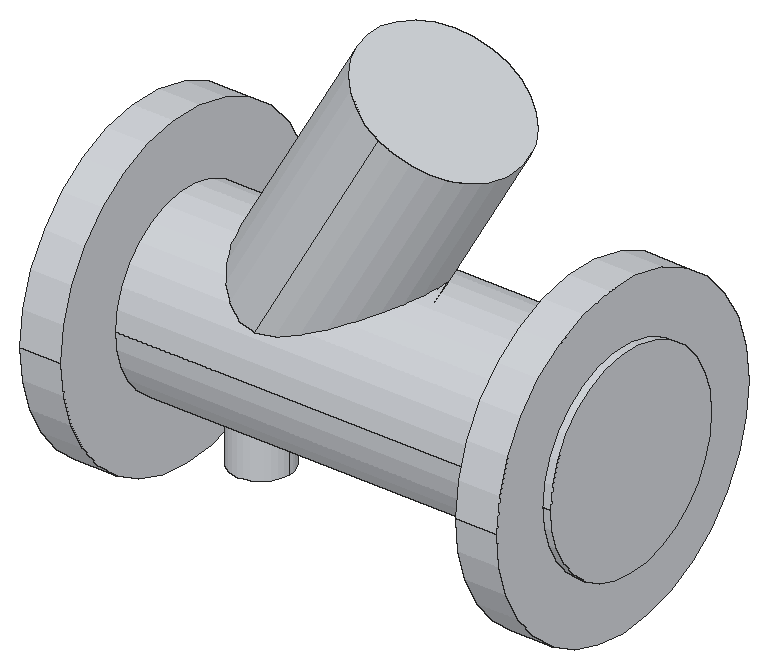
Revit family "HS 821-síto_standard-PN25-DN065-RFA_2019", category Pipe Accessories, Revit 2019
Family settings
  Round Connector Dimension = Use Diameter
  Part Type = Breaks Into
  Work Plane-Based = No
  Always vertical = Yes
  Cut with Voids When Loaded = No
  Shared = No
Parameters (values of type "821D-DN065-PN25-síto_standard")
  magiProductId = "767b0f8318e94750bc7a9930ed5b30"
  magiProductFamilyId = "79214ac3aaa945e397802f559f5c1e"
  magiPartTypeId = 307
  isMeasuringValve [instance] = no
  ang2D [instance] = 0.00°
  ZB__ve = -ZB  # -29.75 mm
  ZB1 = 47.79 mm
  ZB = 29.75 mm
  X2 = 86.927 mm
  X1 = 40.6 mm
  W2D = 15 mm
  VersionID = "2.0/2017.9.26.1/ZETKAMA_821_001"
  Use Minimum Symbol Size [instance] = yes
  URL = "www.hydronic.cz"
  Type Comments = "Filtr přírubový; síto standardní; A-PN16 (-10~300°C); D-PN25 (-10~350°C); F-PN40 (-10~400°C)"
  S = 118 mm
  QmdConnectorList = "301;D;302;D"
  Productdata [instance] = ""
  Manufacturer = "Hydronic Systems Prague s.r.o."
  MC Product Code = "200 265 (821D; DN065; PN25; kvs101,5; oko síta 1,25mm)"
  LM1 = 23.2 mm
  LM = 232 mm
  L4 = 72.5 mm
  L2D_Min = 3048 mm
  L2D = 130 mm
  L2 = 145 mm
  HH2 = 150.562 mm
  FD = 185 mm
  Description = "Filtr přírubový; síto standardní; 821A-PN16; 821D-PN25; 821F-PN40"
  DM1 = 94.2 mm
  DM = 106.2 mm
  D = 65 mm
  CC = 4.93 mm
  CAT0 = yes
  C1 = 24.07 mm
  C = 29 mm
  BD = 33.453 mm
Types (40, lengths in mm): name | magiProductId | ZB__ve | ZB1 | ZB | X2 | X1 | S | MC Product Code | LM1 | LM | L4 | L2 | HH2 | FD | DM1 | DM | D | CC | C1 | C | BD
  821A-DN015-PN16-síto_standard | "a71bcfe8b393460598b23e8ddf7dc5" | -16.25 | 18.63 | 16.25 | 46.982 | 18.2 | 46 | "200 115 (821A; DN015; PN16; kvs6,3; oko síta 1,00mm)" | 10.4 | 104 | 32.5 | 65 | 81.375 | 95 | 27.6 | 41.4 | 15 | 2.21 | 10.79 | 13 | 13.041
  821A-DN020-PN16-síto_standard | "41cd6c7a12924f4991217528336076" | -17.75 | 22.68 | 17.75 | 51.673 | 21 | 56 | "200 120 (821A; DN020; PN16; kvs11,2; oko síta 1,00mm)" | 12 | 120 | 37.5 | 75 | 89.5 | 105 | 33.6 | 50.4 | 20 | 2.55 | 12.45 | 15 | 15.876
  821A-DN025-PN16-síto_standard | "be378b463ed14c3abf4c9b3ae8cf3a" | -19.25 | 26.325 | 19.25 | 58.601 | 22.4 | 65 | "200 125 (821A; DN025; PN16; kvs14,7; oko síta 1,00mm)" | 12.8 | 128 | 40 | 80 | 101.5 | 115 | 43.2 | 58.5 | 25 | 2.72 | 13.28 | 16 | 18.427
  821A-DN032-PN16-síto_standard | "227a0d18b21540afabe8b6067d35fa" | -23 | 30.78 | 23 | 68.849 | 25.2 | 76 | "200 132 (821A; DN032; PN16; kvs23,7; oko síta 1,00mm)" | 14.4 | 144 | 45 | 90 | 119.25 | 140 | 50.4 | 68.4 | 32 | 3.06 | 14.94 | 18 | 21.546
  821A-DN040-PN16-síto_standard | "d106917c74724141a10440112d0102" | -24.5 | 34.02 | 24.5 | 75.777 | 28 | 84 | "200 140 (821A; DN040; PN16; kvs37,7; oko síta 1,00mm)" | 16 | 160 | 50 | 100 | 131.25 | 150 | 60 | 75.6 | 40 | 3.4 | 16.6 | 20 | 23.814
  821A-DN050-PN16-síto_standard | "8255d456a09e4f6486734f5dd9171b" | -26.75 | 40.095 | 26.75 | 79.061 | 32.2 | 99 | "200 150 (821A; DN050 PN16; kvs57,9; oko síta 1,00mm)" | 18.4 | 184 | 57.5 | 115 | 136.938 | 165 | 73.8 | 89.1 | 50 | 3.91 | 19.09 | 23 | 28.066
  821A-DN065-PN16-síto_standard | "235b1b3e4c0843779a4d5e3716d40a" | -29.75 | 47.79 | 29.75 | 86.927 | 40.6 | 118 | "200 165 (821A; DN065; PN16; kvs101,5; oko síta 1,25mm)" | 23.2 | 232 | 72.5 | 145 | 150.562 | 185 | 94.2 | 106.2 | 65 | 4.93 | 24.07 | 29 | 33.453
  821A-DN080-PN16-síto_standard | "a067f7c5236348ed8c820d16df7214" | -32 | 53.46 | 32 | 104.753 | 43.4 | 132 | "200 180 (821A; DN080; PN16; kvs147,4; oko síta 1,25mm)" | 24.8 | 248 | 77.5 | 155 | 181.438 | 200 | 107.4 | 118.8 | 80 | 5.27 | 25.73 | 31 | 37.422
  821A-DN100-PN16-síto_standard | "c49a648c2747461285837d643703cd" | -35 | 63.18 | 35 | 114.857 | 49 | 156 | "200 190 (821A; DN100; PN16; kvs209,6; oko síta 1,60mm)" | 28 | 280 | 87.5 | 175 | 198.937 | 220 | 131.4 | 140.4 | 100 | 5.95 | 29.05 | 35 | 44.226
  821A-DN125-PN16-síto_standard | "bf68e728a163493cbd2a663b26ebdc" | -39.5 | 74.52 | 39.5 | 131.888 | 56 | 184 | "200 191 (821A; DN125; PN16; kvs326,2; oko síta 1,60mm)" | 32 | 320 | 100 | 200 | 228.438 | 250 | 165 | 165.6 | 125 | 6.8 | 33.2 | 40 | 52.164
  821A-DN150-PN16-síto_standard | "2de770284b654863ae6bc865769dc5" | -44.75 | 85.455 | 44.75 | 155.885 | 67.2 | 211 | "200 192 (821A; DN150; PN16; kvs403; oko síta 1,60mm)" | 38.4 | 384 | 120 | 240 | 270 | 285 | 192 | 189.9 | 150 | 8.16 | 39.84 | 48 | 59.818
  821A-DN200-PN16-síto_standard | "8e5693371ab64aabb29a7f08c76e15" | -53 | 107.73 | 53 | 188.361 | 84 | 266 | "200 193 (821A; DN200; PN16; kvs707; oko síta 1,60mm)" | 48 | 480 | 150 | 300 | 326.25 | 340 | 252 | 239.4 | 200 | 10.2 | 49.8 | 60 | 75.411
  821A-DN250-PN16-síto_standard | "05e37ed948c34047acdd4c42556504" | -62.75 | 129.195 | 62.75 | 255.911 | 102.2 | 319 | "200 194 (821A; DN250; PN16; kvs1234; oko síta 1,60mm)" | 58.4 | 584 | 182.5 | 365 | 443.25 | 405 | 309.6 | 287.1 | 250 | 12.41 | 60.59 | 73 | 90.436
  821A-DN300-PN16-síto_standard | "9ad0af747269428da925480d83ce80" | -71 | 149.85 | 71 | 325.914 | 119 | 370 | "200 195 (821A; DN300; PN16; kvs1916; oko síta 1,60mm)" | 68 | 680 | 212.5 | 425 | 564.5 | 460 | 369.6 | 333 | 300 | 14.45 | 70.55 | 85 | 104.895
  821A-DN350-PN16-síto_standard | "eebc71459bb3451bb4355e7951370a" | -80 | 173.745 | 80 | 356.875 | 137.2 | 429 | "200 196 (821A; DN350; PN16; kvs2621; oko síta 1,60mm)" | 78.4 | 784 | 245 | 490 | 618.125 | 520 | 438 | 386.1 | 350 | 16.66 | 81.34 | 98 | 121.621
  821A-DN400-PN16-síto_standard | "d2f677cb196647e385b2590e7d8abe" | -89 | 194.4 | 89 | 392.237 | 154 | 480 | "200 197 (821A; DN400; PN16; kvs3460; oko síta 1,60mm)" | 88 | 880 | 275 | 550 | 679.375 | 580 | 498 | 432 | 400 | 18.7 | 91.3 | 110 | 136.08
  821D-DN015-PN25-síto_standard | "27ddcbf555414f8ca1fde329bf9087" | -16.25 | 18.63 | 16.25 | 46.982 | 18.2 | 46 | "200 215 (821D; DN015; PN25; kvs6,3; oko síta 1,00mm)" | 10.4 | 104 | 32.5 | 65 | 81.375 | 95 | 27.6 | 41.4 | 15 | 2.21 | 10.79 | 13 | 13.041
  821D-DN020-PN25-síto_standard | "270e0f14012f47189cd0235c18faee" | -17.75 | 22.68 | 17.75 | 51.673 | 21 | 56 | "200 220 (821D; DN020; PN25; kvs11,2; oko síta 1,00mm)" | 12 | 120 | 37.5 | 75 | 89.5 | 105 | 33.6 | 50.4 | 20 | 2.55 | 12.45 | 15 | 15.876
  821D-DN025-PN25-síto_standard | "b9a7fb4aa36643878c637d8e1ab992" | -19.25 | 26.325 | 19.25 | 58.601 | 22.4 | 65 | "200 225 (821D; DN025; PN25; kvs14,7; oko síta 1,00mm)" | 12.8 | 128 | 40 | 80 | 101.5 | 115 | 43.2 | 58.5 | 25 | 2.72 | 13.28 | 16 | 18.427
  821D-DN032-PN25-síto_standard | "6be9a55c4e68400f94eec7e804204c" | -23 | 30.78 | 23 | 68.849 | 25.2 | 76 | "200 232 (821D; DN032; PN25; kvs23,7; oko síta 1,00mm)" | 14.4 | 144 | 45 | 90 | 119.25 | 140 | 50.4 | 68.4 | 32 | 3.06 | 14.94 | 18 | 21.546
  821D-DN040-PN25-síto_standard | "c54511bd7f584ec2984291479612cb" | -24.5 | 34.02 | 24.5 | 75.777 | 28 | 84 | "200 240 (821D; DN040; PN25; kvs37,7; oko síta 1,00mm)" | 16 | 160 | 50 | 100 | 131.25 | 150 | 60 | 75.6 | 40 | 3.4 | 16.6 | 20 | 23.814
  821D-DN050-PN25-síto_standard | "5483b1f596b04cd39b23a14a22c90e" | -26.75 | 40.095 | 26.75 | 79.061 | 32.2 | 99 | "200 250 (821D; DN050; PN25; kvs57,9; oko síta 1,00mm)" | 18.4 | 184 | 57.5 | 115 | 136.938 | 165 | 73.8 | 89.1 | 50 | 3.91 | 19.09 | 23 | 28.066
  821D-DN065-PN25-síto_standard | "767b0f8318e94750bc7a9930ed5b30" | -29.75 | 47.79 | 29.75 | 86.927 | 40.6 | 118 | "200 265 (821D; DN065; PN25; kvs101,5; oko síta 1,25mm)" | 23.2 | 232 | 72.5 | 145 | 150.562 | 185 | 94.2 | 106.2 | 65 | 4.93 | 24.07 | 29 | 33.453
  821D-DN080-PN25-síto_standard | "e21040fa3cc2404b858198f6b73709" | -32 | 53.46 | 32 | 104.753 | 43.4 | 132 | "200 280 (821D; DN080; PN25; kvs147,4; oko síta 1,25mm)" | 24.8 | 248 | 77.5 | 155 | 181.438 | 200 | 107.4 | 118.8 | 80 | 5.27 | 25.73 | 31 | 37.422
  821D-DN100-PN25-síto_standard | "175ca87a506b40b3bc6b82f12f33cf" | -37.25 | 63.18 | 37.25 | 114.857 | 49 | 156 | "200 290 (821D; DN100; PN25; kvs209,6; oko síta 1,60mm)" | 28 | 280 | 87.5 | 175 | 198.937 | 235 | 131.4 | 140.4 | 100 | 5.95 | 29.05 | 35 | 44.226
  821D-DN125-PN25-síto_standard | "77cc98d60da24855999a22dff726b2" | -42.5 | 74.52 | 42.5 | 131.888 | 56 | 184 | "200 291 (821D; DN125; PN25; kvs326,2; oko síta 1,60mm)" | 32 | 320 | 100 | 200 | 228.438 | 270 | 165 | 165.6 | 125 | 6.8 | 33.2 | 40 | 52.164
  821D-DN150-PN25-síto_standard | "9cf8acfcd15547d68e83172d3abcbe" | -47 | 85.455 | 47 | 155.885 | 67.2 | 211 | "200 292 (821D; DN150; PN25; kvs403; oko síta 1,60mm)" | 38.4 | 384 | 120 | 240 | 270 | 300 | 192 | 189.9 | 150 | 8.16 | 39.84 | 48 | 59.818
  821D-DN200-PN25-síto_standard | "16973f3c9ea14389ba8602495a6b64" | -56 | 110.97 | 56 | 188.361 | 84 | 274 | "200 293 (821D; DN200; PN25; kvs707; oko síta 1,60mm)" | 48 | 480 | 150 | 300 | 326.25 | 360 | 252 | 246.6 | 200 | 10.2 | 49.8 | 60 | 77.679
  821F-DN015-PN40-síto_standard | "4c7eaf3c4c0340888b3e684d8a8616" | -16.25 | 18.225 | 16.25 | 46.982 | 18.2 | 45 | "240 615 (821F; DN015; PN40; kvs6,3; oko síta 1,00mm)" | 10.4 | 104 | 32.5 | 65 | 81.375 | 95 | 27.6 | 40.5 | 15 | 2.21 | 10.79 | 13 | 12.757
  821F-DN020-PN40-síto_standard | "aaac5f1ec96b44d6ba96ac2293d66d" | -17.75 | 23.49 | 17.75 | 51.673 | 21 | 58 | "240 620 (821F; DN020; PN40; kvs11,2; oko síta 1,00mm)" | 12 | 120 | 37.5 | 75 | 89.5 | 105 | 33.6 | 52.2 | 20 | 2.55 | 12.45 | 15 | 16.443
  821F-DN025-PN40-síto_standard | "504768023968471481789485b54c7e" | -19.25 | 27.54 | 19.25 | 58.601 | 22.4 | 68 | "240 625 (821F; DN025; PN40; kvs14,7; oko síta 1,00mm)" | 12.8 | 128 | 40 | 80 | 101.5 | 115 | 43.2 | 61.2 | 25 | 2.72 | 13.28 | 16 | 19.278
  821F-DN032-PN40-síto_standard | "165e7f39cf744f329bdf1c400dad12" | -23 | 31.59 | 23 | 68.849 | 25.2 | 78 | "240 632 (821F; DN032; PN40; kvs23,7; oko síta 1,00mm)" | 14.4 | 144 | 45 | 90 | 119.25 | 140 | 50.4 | 70.2 | 32 | 3.06 | 14.94 | 18 | 22.113
  821F-DN040-PN40-síto_standard | "b8903f952089408fbf3a5a632bab1f" | -24.5 | 35.64 | 24.5 | 75.777 | 28 | 88 | "240 640 (821F; DN040; PN40; kvs37,7; oko síta 1,00mm)" | 16 | 160 | 50 | 100 | 131.25 | 150 | 60 | 79.2 | 40 | 3.4 | 16.6 | 20 | 24.948
  821F-DN050-PN40-síto_standard | "c451f97266fe48da8f879cb6a2bd44" | -26.75 | 41.31 | 26.75 | 79.061 | 32.2 | 102 | "240 650 (821F; DN050; PN40; kvs57,9; oko síta 1,00mm)" | 18.4 | 184 | 57.5 | 115 | 136.938 | 165 | 73.8 | 91.8 | 50 | 3.91 | 19.09 | 23 | 28.917
  821F-DN065-PN40-síto_standard | "dc9821e3f9b34e128f6a8c6b34c198" | -29.75 | 49.41 | 29.75 | 86.927 | 40.6 | 122 | "240 665 (821F; DN065; PN40; kvs101,5; oko síta 1,25mm)" | 23.2 | 232 | 72.5 | 145 | 150.562 | 185 | 94.2 | 109.8 | 65 | 4.93 | 24.07 | 29 | 34.587
  821F-DN080-PN40-síto_standard | "689aa1e260f84cf4994f027a1d86b5" | -32 | 55.89 | 32 | 104.753 | 43.4 | 138 | "240 680 (821F; DN080; PN40; kvs147,4; oko síta 1,25mm)" | 24.8 | 248 | 77.5 | 155 | 181.438 | 200 | 107.4 | 124.2 | 80 | 5.27 | 25.73 | 31 | 39.123
  821F-DN100-PN40-síto_standard | "8a45d4e8e2ab425f8c432f21d684f3" | -37.25 | 65.61 | 37.25 | 114.857 | 49 | 162 | "240 690 (821F; DN100; PN40; kvs209,6; oko síta 1,6mm)" | 28 | 280 | 87.5 | 175 | 198.937 | 235 | 131.4 | 145.8 | 100 | 5.95 | 29.05 | 35 | 45.927
  821F-DN125-PN40-síto_standard | "cf073904c006406b8645afa67ea2fc" | -42.5 | 76.14 | 42.5 | 131.888 | 56 | 188 | "240 691 (821F; DN125; PN40; kvs326,2; oko síta 1,6mm)" | 32 | 320 | 100 | 200 | 228.438 | 270 | 165 | 169.2 | 125 | 6.8 | 33.2 | 40 | 53.298
  821F-DN150-PN40-síto_standard | "0153b9ddabe14992a630484929fdbc" | -47 | 88.29 | 47 | 155.885 | 67.2 | 218 | "240 692 (821F; DN150; PN40; kvs403; oko síta 1,6mm)" | 38.4 | 384 | 120 | 240 | 270 | 300 | 192 | 196.2 | 150 | 8.16 | 39.84 | 48 | 61.803
  821F-DN200-PN40-síto_standard | "7fb3fc01dd8d42428c203e3f8dd4d5" | -56 | 115.425 | 56 | 188.361 | 84 | 285 | "240 693 (821F; DN200; PN40; kvs707; oko síta 1,6mm)" | 48 | 480 | 150 | 300 | 326.25 | 360 | 252 | 256.5 | 200 | 10.2 | 49.8 | 60 | 80.797
Reference planes
  plane 1 "Center (Front/Back)": y = 0
  plane 2 "XYPLANE": z = 0
  plane 3 "Center (Left/Right)": x = 0
  plane 4 "109": x = -92.8
  plane 5 "108": x = 116
  plane 6 "107": x = -116
  plane 7 "105": x = 145
  plane 8 "104": x = -145
  plane 9 "103": y = 0
  plane 10 "102": z = 0
  plane 11 "101": x = -140.07
  plane 12 "100": x = 140.07
  plane 13 "11": x = -52.2
  plane 14 "10": z = 150.562
  plane 15 "9": x = 34.727
  plane 16 "5": z = -47.79
  plane 17 "4": x = -72.5
  plane 18 "1": x = 72.5
Forms (mm)
  Extrusion 1, solid, visible <- "CAT0"
    sketch origin (-116, -750, 0) x (0, 1, 0) y (0, 0, 1)
      loop
        circle (750, 0) r 53.1
    from 0 to 232 <- "LM"
  Extrusion 2, solid
    sketch origin (-145, -750, 0) x (0, 1, 0) y (0, 0, 1)
      loop
        circle (750, 0) r 59
    from 0 to 4.93 <- "CC"
  Extrusion 3, solid
    sketch origin (-140.07, -750, 0) x (0, 1, 0) y (0, 0, 1)
      loop
        circle (750, 0) r 92.5
    from 0 to 24.07 <- "C1"
  Extrusion 4, solid
    sketch origin (116, -750, 0) x (0, 1, 0) y (0, 0, 1)
      loop
        circle (750, 0) r 92.5
    from 0 to 24.07 <- "C1"
  Extrusion 5, solid
    sketch origin (140.07, -750, 0) x (0, 1, 0) y (0, 0, 1)
      loop
        circle (750, 0) r 59
    from 0 to 4.93 <- "CC"
  Sweep 6, solid, visible <- "CAT0"
    path origin (750, 0, 0) x (-1, 0, 0) y (0, 0, 1)
      loop
        line (866, 0) -> (802.2, 0) -> (715.273, 150.562)
    profile origin (-116, 0, 0) x (0, 0, -1) y (0, 1, 0)
      loop
        circle (0, 0) r 47.1
  Extrusion 7, solid, visible <- "CAT0"
    sketch origin (-750, 0, -47.79) x (1, 0, 0) y (0, 1, 0)
      loop
        circle (677.5, 0) r 16.726
    from 0 to -29.75 <- "ZB__ve"
  Extrusion 8, solid, visible <- "CAT0"
    sketch origin (-750, 0, -47.79) x (1, 0, 0) y (0, 1, 0)
      loop
        circle (822.5, 0) r 16.726
    from 0 to -29.75 <- "ZB__ve"
  Extrusion 9, solid, not visible
    sketch origin (145, -750, 0) x (0, 1, 0) y (0, 0, 1)
      loop
        circle (750, 0) r 10
    from 0 to -10
  Extrusion 10, solid, not visible
    sketch origin (-145, -750, 0) x (0, 1, 0) y (0, 0, 1)
      loop
        circle (750, 0) r 10
    from 0 to 10
Lines and regions (mm)
  reference lines, not visible
    curve 1: circle (2, 2, 0) r 1 normal (0, 0, 1)
Dimensions and locks
  plane 1 "Center (Front/Back)" to curve 1 = 2 mm
  "LM1": plane 6 "107" to plane 4 "109"
  "LM": plane 6 "107" to plane 5 "108"
  "C": plane 8 "104" to plane 6 "107"
  "L2": plane 3 "Center (Left/Right)" to plane 7 "105"
  "L2": plane 3 "Center (Left/Right)" to plane 8 "104"
  locked: plane 1 "Center (Front/Back)" to plane 9 "103"
  locked: plane 2 "XYPLANE" to plane 10 "102"
  "CC": plane 8 "104" to plane 11 "101"
  "C1": plane 5 "108" to plane 12 "100"
  "X1": plane 4 "109" to plane 13 "11"
  "HH2": plane 2 "XYPLANE" to plane 14 "10"
  "X2": plane 13 "11" to plane 15 "9"
  "ZB1": plane 2 "XYPLANE" to plane 16 "5"
  "L4": plane 8 "104" to plane 17 "4"
  "L2": plane 17 "4" to plane 18 "1"
  Sweep 6 sketch curve to Sweep 6 sketch curve = 0 mm  (x2)
  "DM": diameter of Extrusion 1 sketch curve
  "S": diameter of Extrusion 2 sketch curve
  "FD": diameter of Extrusion 3 sketch curve
  "FD": diameter of Extrusion 4 sketch curve
  "S": diameter of Extrusion 5 sketch curve
  "DM1": diameter of Sweep 6 sketch curve
  "BD": diameter of Extrusion 7 sketch curve
  "BD": diameter of Extrusion 8 sketch curve
  aligned and locked: level to plane 2 "XYPLANE"
  aligned and locked: Extrusion 1 sketch curve to plane 9 "103"
  aligned and locked: plane 10 "102" to Extrusion 1 sketch curve
  aligned and locked: Extrusion 2 sketch curve to plane 9 "103"
  aligned and locked: plane 10 "102" to Extrusion 2 sketch curve
  aligned and locked: Extrusion 3 sketch curve to plane 9 "103"
  aligned and locked: plane 10 "102" to Extrusion 3 sketch curve
  aligned and locked: Extrusion 4 sketch curve to plane 9 "103"
  aligned and locked: plane 10 "102" to Extrusion 4 sketch curve
  aligned and locked: Extrusion 5 sketch curve to plane 9 "103"
  aligned and locked: plane 10 "102" to Extrusion 5 sketch curve
  aligned and locked: Sweep 6 sketch curve to plane 9 "103"
  aligned and locked: plane 10 "102" to Sweep 6 sketch curve  (x3)
  aligned and locked: plane 6 "107" to Sweep 6 sketch curve
  aligned and locked: plane 13 "11" to Sweep 6 sketch curve
  aligned and locked: plane 14 "10" to Sweep 6 sketch curve
  aligned and locked: plane 15 "9" to Sweep 6 sketch curve
  aligned and locked: plane 9 "103" to Extrusion 7 sketch curve
  aligned and locked: plane 17 "4" to Extrusion 7 sketch curve
  aligned and locked: plane 9 "103" to Extrusion 8 sketch curve
  aligned and locked: plane 18 "1" to Extrusion 8 sketch curve
  aligned and locked: Extrusion 9 sketch curve to plane 9 "103"
  aligned and locked: plane 10 "102" to Extrusion 9 sketch curve
  aligned and locked: Extrusion 10 sketch curve to plane 9 "103"
  aligned and locked: plane 10 "102" to Extrusion 10 sketch curve
Automatic sketch dimensions
  plane 1 "Center (Front/Back)" to Extrusion 9 sketch curve = 10 mm
  plane 1 "Center (Front/Back)" to Extrusion 10 sketch curve = 10 mm
  plane 3 "Center (Left/Right)" to curve 1 = 2 mm
  radius of curve 1 = 1 mm
Connectors
  piping at (-145, 0, 0), diameter 65, driven by "D"
    settings: on Extrusion 10, index 1, connector inside diameter 609.6 mm, connector length 0 mm, flow factor 0, pipe flow 0.0 L/s, pressure drop 0.0 Pa, fitting loss kfactor 0, connector angle 0.00°, fixture units 0, engagement length 0 mm, angle of deflection 0.00°, flow configuration 0, flow direction 0, fitting loss method 0, system type 29, joint type 0, gender type 0, connector reference index 2, connector utility 0, adjustable connector no, is connector primary yes, connector description ""
  piping at (145, 0, 0), diameter 65, driven by "D"
    settings: on Extrusion 9, index 2, connector inside diameter 609.6 mm, connector length 0 mm, flow factor 0, pipe flow 0.0 L/s, pressure drop 0.0 Pa, fitting loss kfactor 0, connector angle 0.00°, fixture units 0, engagement length 0 mm, angle of deflection 0.00°, flow configuration 0, flow direction 0, fitting loss method 0, system type 29, joint type 0, gender type 0, connector reference index 1, connector utility 0, adjustable connector no, is connector primary no, connector description ""
